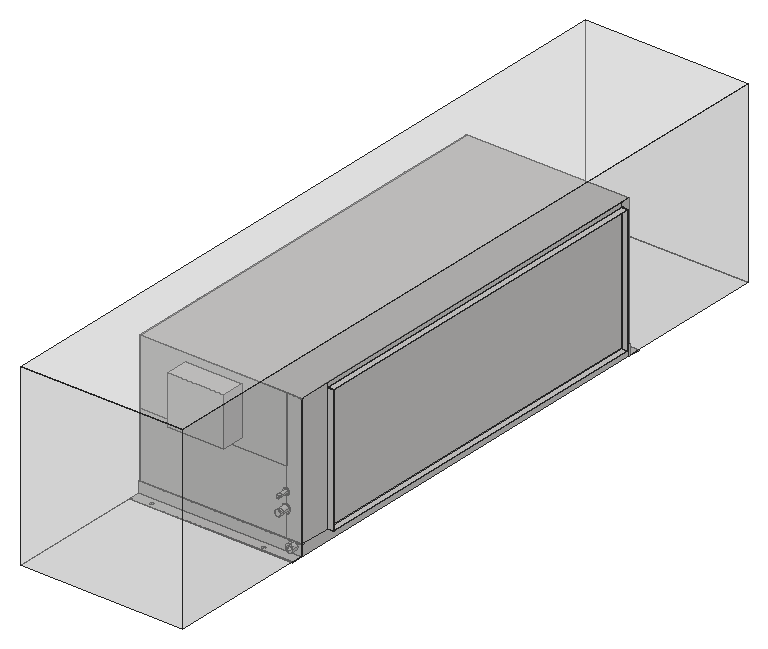
Revit family "outputfile", category 機械設備, Revit 2024
Family settings
  丸型コネクタ寸法 = 半径を使用
  パーツ タイプ = 標準
  OmniClass 番号 = 23.75.10.24.21.27.27
  OmniClass タイトル = Split System Air Conditioning Units
  作業面ベース = いいえ
  常に垂直 = はい
  ロード時にボイドで切り取り = いいえ
  注釈の向きを維持 = いいえ
  共有 = いいえ
  部屋計算ポイント = はい
Parameters (values of type "FDR450QY1")
  Description = ""
  書き出し IFC クラス(タイプ) = "IfcUnitaryEquipmentType"
  定義済み IFC タイプ(タイプ) = "AIRCONDITIONINGUNIT"
  Cost = 0
  Type Comments = ""
  Keynote = ""
  Type Image = (empty or 0)
  Assembly Code = ""
  angle_Drain Pipe [instance] = if(Rear Connection_drainpipe, -90.00°, 90.00°)  # 90.00°
  製造元 = "Daikin"
  モデル = "FDR450QY1"
  w2 = if(Depth = 2195.0 mm, 0.0 mm, if(Depth = 1980.0 mm, 0.0 mm, 352.0 mm))  # 0.0 mm
  w1 = if(Depth = 2195.0 mm, 0.0 mm, if(Depth = 1980.0 mm, 1.0 mm, 20.0 mm))  # 0.0 mm
  switch_frequency = yes
  r_Liquid Pipe Size = Liquid Pipe Size / 2  # 7.95 mm
  r_Gas Pipe Size = Gas Pipe Size / 2  # 14.3 mm
  r_Drain Pipe Size = Drain Pipe Size / 2  # 12.7 mm
  r_D = if(Depth = 2195.0 mm, 41.5 mm, if(Depth = 1980.0 mm, 41.5 mm, 34.5 mm))  # 41.5 mm
  lw_power = if(Depth = 2195.0 mm, Width / 2 - 249.0 mm, if(Depth = 1980.0 mm, Width / 2 - 128.0 mm, Width / 2 - 138.0 mm))  # 186.0 mm
  lw_mountinghole = if(Depth = 2195.0 mm, 100.0 mm, if(Depth = 1980.0 mm, 100.0 mm, if(Depth = 1330.0 mm, 59.0 mm, 59.0 mm)))  # 100.0 mm
  lh_SA = if(Depth = 2195.0 mm, 263.0 mm + SA Duct Size Height / 2, if(Depth = 1980.0 mm, 257.0 mm + SA Duct Size Height / 2, 156.0 mm + SA Duct Size Height / 2))  # 436.5 mm
  ld_SA = if(Depth = 2195.0 mm, 570.0 mm + SA Duct Size Width / 2, if(Depth = 1980.0 mm, 479.0 mm + SA Duct Size Width / 2, 128.0 mm + SA Duct Size Width / 2))  # 1092.5 mm
  ld_RA = if(Depth = 2195.0 mm, 171.0 mm + RA Duct Size Width / 2, if(Depth = 1980.0 mm, 169.0 mm + RA Duct Size Width / 2, 128.0 mm + RA Duct Size Width / 2))  # 1158.0 mm
  lh_power = if(Depth = 2195.0 mm, 490.0 mm, if(Depth = 1980.0 mm, 300.0 mm, 200.0 mm))  # 490.0 mm
  lh_RA = if(Depth = 2195.0 mm, 60.0 mm + RA Duct Size Height / 2, if(Depth = 1980.0 mm, 61.0 mm + RA Duct Size Height / 2, 156.0 mm + RA Duct Size Height / 2))  # 399.5 mm
  ld_power = if(Depth = 2195.0 mm, 75.8 mm, if(Depth = 1980.0 mm, 70.0 mm, 76.6 mm))  # 75.8 mm
  l_SA = if(Depth = 2195.0 mm, 36.0 mm, if(Depth = 1980.0 mm, 35.0 mm, 39.0 mm))  # 36.0 mm
  l_RA = if(Depth = 2195.0 mm, 36.0 mm, if(Depth = 1980.0 mm, 35.0 mm, 39.0 mm))  # 36.0 mm
  d = if(Depth = 1330.0 mm, 20.0 mm, 0.0 mm)  # 0.0 mm
  connector_voltage = Voltage_50Hz  # 400 V
  connector_powerinput = [Power Input (Cooling)]  # 21.220 kW
  connector_phase = Phase_50Hz  # 3
  Voltage_comment_50Hz = "380 - 415"
  Voltage_50Hz = 400 V
  URL = ""
  Supply Air Direction [instance] = yes
  Sound Power Level_H speed (dB) = 0
  Rear Connection_drainpipe [instance] = not(Front Connection_drainpipe)  # no
  Phase_50Hz = 3
  Minimum External Static Pressure = 0.00 Pa
  Minimum Circuit Amps_50Hz = 6.1 A
  Maximum Fuse Amps_50Hz = 16.0 A
  Maximum External Static Pressure = 150.00 Pa
  Material_Casing = DAIKIN_GalvanizedSteel_Casing_indoorunit
  lw_mountinghole_pitch = if(Depth = 2195.0 mm, 600.0 mm, if(Depth = 1980.0 mm, 600.0 mm, if(Depth = 1330.0 mm, 732.0 mm, 732.0 mm)))  # 600.0 mm
  lh_gaspipe = if(Depth = 2195.0 mm, 205.0 mm, if(Depth = 1980.0 mm, 205.0 mm, 187.0 mm))  # 205.0 mm
  lh_mountinghole = if(Depth = 2195.0 mm, 0.0 mm, if(Depth = 1980.0 mm, 0.0 mm, if(Depth = 1330.0 mm, 495.0 mm, 495.0 mm)))  # 0.0 mm
  lh_liquidpipe = if(Depth = 2195.0 mm, 285.0 mm, if(Depth = 1980.0 mm, 285.0 mm, 187.0 mm))  # 285.0 mm
  lh_drainpipe = if(Depth = 2195.0 mm, 38.0 mm, if(Depth = 1980.0 mm, 38.0 mm, 32.0 mm))  # 38.0 mm
  l_antena = Height - lh_mountinghole + 1.0 mm  # 761.0 mm
  ld_drainpipe = if(Depth = 2195.0 mm, Depth / 2 + 29.0 mm, if(Depth = 1980.0 mm, Depth / 2 + 29.0 mm, Depth / 2 + 9.0 mm))  # 1126.5 mm
  ld_liquidpipe = if(Depth = 2195.0 mm, Depth / 2 + 55.0 mm, if(Depth = 1980.0 mm, Depth / 2 + 55.0 mm, Depth / 2 + 60.0 mm))  # 1152.5 mm
  ld_gaspipe = if(Depth = 2195.0 mm, Depth / 2 + 55.0 mm, if(Depth = 1980.0 mm, Depth / 2 + 55.0 mm, Depth / 2 + 58.0 mm))  # 1152.5 mm
  ld_mountinghole_pitch = if(Depth = 2195.0 mm, 2280.0 mm, if(Depth = 1980.0 mm, 2070.0 mm, 1386.0 mm))  # 2280.0 mm
  h*** = 0.0 mm  # constant formula
  lw_liquidpipe = if(Depth = 2195.0 mm, 83.0 mm, if(Depth = 1980.0 mm, 87.0 mm, 126.0 mm))  # 83.0 mm
  lw_gaspipe = if(Depth = 2195.0 mm, 83.0 mm, if(Depth = 1980.0 mm, 87.0 mm, 47.0 mm))  # 83.0 mm
  lw_drainpipe = if(Depth = 2195.0 mm, 43.0 mm, if(Depth = 1980.0 mm, 45.0 mm, 46.0 mm))  # 43.0 mm
  Width = 870.0 mm
  Version = "ver.1.0"
  Unit Type = "Duct"
  Unit Mass Weight = 204.00 kg
  Unit Designation [instance] = ""
  Uniclass2015Version = "Products v1.30"
  Uniclass2015Title = "Split coil room air conditioning units"
  Uniclass2015Code = "Pr_70_65_03_86"
  Total Cooling Capacity [instance] = 0.000 kW
  Sound Pressure Level_M speed (dBA) = 0
  Sound Pressure Level_L speed (dBA) = 0
  Sound Pressure Level_H speed (dBA) = 60
  Series = "Package Aircon_Fan Coil Unit"
  Sensible Cooling Capacity [instance] = 0.000 kW
  SA Duct Size Width = 1045.0 mm
  SA Duct Size Height = 347.0 mm
  Refrigerant Type = "R410A"
  RA Duct Size Width = 1974.0 mm
  RA Duct Size Height = 679.0 mm
  Power Input (Cooling) = 21.220 kW
  Option Accessory 3 [instance] = ""
  Option Accessory 2 [instance] = ""
  Option Accessory 1 [instance] = ""
  Nominal Cooling Capacity = 52.000 kW
  Minimum Airflow = 0.00 m³/h
  Median Airflow = 0.00 m³/h
  Maximum Airflow = 9960.00 m³/h
  Load Classification = HVAC
  Liquid Pipe Size = 15.9 mm
  Link_Nested Family [instance] = ""
  Front Connection_drainpipe [instance] = yes
  IfcVersion = ""
  IfcExportType = "AIRCONDITIONINGUNIT"
  IfcExportAs = "IfcUnitaryEquipmentType"
  Height = 760.0 mm
  Heat Exchanger Type = "Cross Fin Coil"
  Gas Pipe Size = 28.6 mm
  Frequency_50Hz = 50 Hz
  Fan Type = "Sirocco Fan"
  Fan Drive = "-"
  FCU Tag No. [instance] = ""
  Drain Pipe Size = 25.4 mm
  Design Supply Airflow [instance] = 0.00 m³/h
  Design Return Airflow [instance] = 0.00 m³/h
  Design External Static Pressure [instance] = 0.00 Pa
  Depth = 2195.0 mm
  既定の高さ = 0.0 mm
  Cooling Entering Wet Bulb Temperature [instance] = 0.00 °C
  Cooling Entering Dry Bulb Temperature [instance] = 0.00 °C
  Cooling Ambient Wet Bulb Temperature [instance] = 0.00 °C
  Cooling Ambient Dry Bulb Temperature [instance] = 0.00 °C
  Clearance visibility [instance] = yes
  Clearance Top = 200.0 mm
  Clearance Right = 0.0 mm
  Clearance Rear = 800.0 mm
  Clearance Left = 0.0 mm
  Clearance Front = 800.0 mm
  Clearance Bottom = 0.0 mm
  A = if(Depth = 2195.0 mm, 60.0 mm, if(Depth = 1980.0 mm, 61.0 mm, 63.0 mm))  # 60.0 mm
  300-500 = not([200/250])  # yes
  200/250 = Depth = 1330.0 mm  # no
Reference planes
  plane 1 "Center (Front/Back)": y = 0
  plane 2 "h": z = 0
  plane 3 "Center (Left/Right)": x = 0
  plane 4 "Back": y = 1097.5
  plane 5 "Front": y = -1097.5
  plane 6 "Left": x = -435
  plane 7 "Right": x = 435
  plane 8 "Top": z = 0
  plane 9 "Bottom": z = -760
  plane 10: y = 1897.5
  plane 11: y = -1897.5
  plane 12: x = -435
  plane 13: x = 435
  plane 14: z = 200
  plane 15: z = -760
  plane 16 "ld_RA": y = 60.5
  plane 17 "lh_RA": z = -360.5
  plane 18 "ld_gaspipe": y = -1152.5
  plane 19 "ld_drainpipe": y = -1126.5
  plane 20 "lw_drainpipe": x = 392
  plane 21 "lw_liquidpipe": x = 352
  plane 22 "lw_gaspipe": x = 352
  plane 23 "lw_mountinghole": x = -335
  plane 24 "lw_mountinghole1": x = 265
  plane 25 "ld_mountinghole": y = -1140
  plane 26 "ld_mountinghole1": y = 1140
  plane 27 "lh_mountinghole": z = -760
  plane 28 "lh_SA": z = -323.5
  plane 29 "ld_liquidpipe": y = -1152.5
  plane 30 "ld_power": y = -1173.3
  plane 31 "ld_drainpipe1": y = 1126.5
  plane 32 "ld_SA": y = -5
  plane 33 "A": z = -700
  plane 34: y = 1097.5
  plane 35: y = -1097.5
  plane 36: x = -435
  plane 37: x = 435
  plane 38: z = -722
  plane 39: z = -722
Forms (mm)
  Extrusion 1, solid, material "DAIKIN_GalvanizedSteel_Casing_indoorunit" <- "Material_Casing"
    sketch origin (0, 0, -760) x (-1, 0, 0) y (0, -1, 0)
      loop
        line (434, -1097.5) -> (434, 1097.5) -> (-435, 1097.5) -> (-435, -1097.5) -> (434, -1097.5)
    from 760 to 60
  Extrusion 2, solid, material "DAIKIN_GalvanizedSteel_Casing_indoorunit" <- "Material_Casing"
    sketch origin (0, 0, -760) x (-1, 0, 0) y (0, -1, 0)
      loop
        line (435, -1097.5) -> (435, 1097.5) -> (-435, 1097.5) -> (-435, -1097.5) -> (435, -1097.5)
    from 0 to 60
  Extrusion 3, solid, material "DAIKIN_GalvanizedSteel_Casing_indoorunit" <- "Material_Casing", visible <- "200/250"
    sketch origin (0, 0, 0) x (1, 0, 0) y (0, 0, 1)
      loop
        line (94.8, -700) -> (94.8, -760) -> (429.6, -760) -> (429.6, -700) -> (94.8, -700)
    from -1097.5 to 1097.5
  Extrusion 4, solid, material "DAIKIN_GalvanizedSteel_Casing_indoorunit" <- "Material_Casing", visible <- "Front Connection_drainpipe"
    sketch origin (435, -1097.5, -760) x (-1, 0, 0) y (0, 0, -1)
      loop
        circle (43, -38) r 20.75
      loop
        circle (43, -38) r 12.7
    from 0 to 29
  Extrusion 5, solid, material "DAIKIN_GalvanizedSteel_Casing_indoorunit" <- "Material_Casing", visible <- "Rear Connection_drainpipe"
    sketch origin (-435, 1097.5, -760) x (1, 0, 0) y (0, 0, -1)
      loop
        circle (827, -38) r 20.75
      loop
        circle (827, -38) r 12.7
    from 0 to 29
Dimensions and locks
  "Height": plane 8 "Top" to plane 9 "Bottom"
  equal spacing: plane 4 "Back", plane 1 "Center (Front/Back)", plane 5 "Front"
  "Depth": plane 4 "Back" to plane 5 "Front"
  equal spacing: plane 6 "Left", plane 3 "Center (Left/Right)", plane 7 "Right"
  "Width": plane 6 "Left" to plane 7 "Right"
  "Clearance Left": plane 12 to plane 6 "Left"
  "Clearance Right": plane 7 "Right" to plane 13
  "Clearance Rear": plane 10 to plane 4 "Back"
  "Clearance Front": plane 5 "Front" to plane 11
  "Clearance Top": plane 14 to plane 8 "Top"
  "Clearance Bottom": plane 9 "Bottom" to plane 15
  "ld_RA": plane 16 "ld_RA" to plane 5 "Front"
  "lh_RA": plane 17 "lh_RA" to plane 9 "Bottom"
  "lw_drainpipe": plane 20 "lw_drainpipe" to plane 7 "Right"
  "lw_liquidpipe": plane 21 "lw_liquidpipe" to plane 7 "Right"
  "lw_gaspipe": plane 22 "lw_gaspipe" to plane 7 "Right"
  "lw_mountinghole_pitch": plane 23 "lw_mountinghole" to plane 24 "lw_mountinghole1"
  equal spacing: plane 25 "ld_mountinghole", plane 1 "Center (Front/Back)", plane 26 "ld_mountinghole1"
  "ld_mountinghole_pitch": plane 26 "ld_mountinghole1" to plane 25 "ld_mountinghole"
  "lh_mountinghole": plane 27 "lh_mountinghole" to plane 9 "Bottom"
  "lh_SA": plane 28 "lh_SA" to plane 9 "Bottom"
  "h***": plane 8 "Top" to plane 2 "h"
  "lw_mountinghole": plane 6 "Left" to plane 23 "lw_mountinghole"
  "ld_drainpipe": plane 31 "ld_drainpipe1" to plane 1 "Center (Front/Back)"
  "ld_drainpipe": plane 1 "Center (Front/Back)" to plane 19 "ld_drainpipe"
  "ld_power": plane 5 "Front" to plane 30 "ld_power"
  "ld_liquidpipe": plane 29 "ld_liquidpipe" to plane 1 "Center (Front/Back)"
  "ld_gaspipe": plane 18 "ld_gaspipe" to plane 1 "Center (Front/Back)"
  "ld_SA": plane 32 "ld_SA" to plane 5 "Front"
  "A": plane 33 "A" to plane 9 "Bottom"
  "w1": plane 6 "Left" to plane 36
  "d": plane 4 "Back" to plane 34
  "d": plane 35 to plane 5 "Front"
  "w2": plane 37 to plane 7 "Right"
  locked: plane 6 "Left" to Extrusion 1 sketch curve at 1
  locked: Extrusion 3 sketch curve to Extrusion 3 sketch curve at 334.8
  locked: Extrusion 3 sketch curve to plane 7 "Right" at 5.4
  "lh_drainpipe": plane 38 to plane 9 "Bottom"
  "lh_drainpipe": plane 39 to plane 9 "Bottom"
  "r_D": diameter of Extrusion 4 sketch curve
  "Drain Pipe Size": diameter of Extrusion 4 sketch curve
  "Drain Pipe Size": diameter of Extrusion 5 sketch curve
  "r_D": diameter of Extrusion 5 sketch curve
  aligned and locked: level to plane 2 "h"
  aligned and locked: nested 4 to plane 11
  aligned and locked: nested 4 to plane 12  (x2)
  aligned and locked: nested 4 to plane 13
  aligned and locked: plane 10 to nested 4
  aligned and locked: plane 14 to nested 4
  aligned and locked: plane 15 to nested 4
  aligned and locked: nested 2 to plane 21 "lw_liquidpipe"
  aligned and locked: nested 1 to plane 22 "lw_gaspipe"
  aligned and locked: nested 1 to plane 18 "ld_gaspipe"
  aligned and locked: plane 23 "lw_mountinghole" to nested 6
  aligned and locked: nested 6 to plane 26 "ld_mountinghole1"
  aligned and locked: plane 24 "lw_mountinghole1" to nested 5
  aligned and locked: nested 5 to plane 26 "ld_mountinghole1"
  aligned and locked: plane 24 "lw_mountinghole1" to nested 8
  aligned and locked: plane 25 "ld_mountinghole" to nested 8
  aligned and locked: plane 25 "ld_mountinghole" to nested 7
  aligned and locked: plane 23 "lw_mountinghole" to nested 7
  aligned and locked: nested 2 to plane 29 "ld_liquidpipe"
  aligned and locked: plane 28 "lh_SA" to nested 9
  aligned and locked: nested 3 to plane 3 "Center (Left/Right)"
  aligned and locked: plane 1 "Center (Front/Back)" to nested 3
  aligned and locked: nested 11 to plane 3 "Center (Left/Right)"
  aligned and locked: nested 11 to plane 30 "ld_power"
  aligned and locked: nested 9 to plane 6 "Left"
  aligned and locked: nested 9 to plane 32 "ld_SA"
  aligned and locked: plane 7 "Right" to nested 10
  aligned and locked: plane 16 "ld_RA" to nested 10
  aligned and locked: plane 7 "Right" to nested 12
  aligned and locked: nested 12 to plane 1 "Center (Front/Back)"
  aligned and locked: plane 1 "Center (Front/Back)" to nested 13
  aligned and locked: nested 13 to plane 6 "Left"
  aligned and locked: plane 9 "Bottom" to nested 13
  aligned and locked: Extrusion 1 sketch curve to plane 4 "Back"
  aligned and locked: plane 5 "Front" to Extrusion 1 sketch curve
  aligned and locked: Extrusion 1 sketch curve to plane 7 "Right"
  aligned and locked: Extrusion 1 to plane 8 "Top"
  aligned and locked: Extrusion 1 to plane 33 "A"
  aligned and locked: Extrusion 2 sketch curve to plane 34
  aligned and locked: Extrusion 2 sketch curve to plane 36
  aligned and locked: plane 35 to Extrusion 2 sketch curve
  aligned and locked: Extrusion 2 sketch curve to plane 37
  aligned and locked: plane 33 "A" to Extrusion 2
  aligned and locked: Extrusion 2 to plane 9 "Bottom"
  aligned and locked: plane 25 "ld_mountinghole" to nested 14
  aligned and locked: nested 15 to plane 26 "ld_mountinghole1"
  aligned and locked: plane 23 "lw_mountinghole" to nested 14
  aligned and locked: nested 15 to plane 23 "lw_mountinghole"
  aligned and locked: plane 9 "Bottom" to nested 15
  aligned and locked: nested 14 to plane 9 "Bottom"
  aligned and locked: plane 23 "lw_mountinghole" to nested 16
  aligned and locked: plane 24 "lw_mountinghole1" to nested 17
  aligned and locked: nested 16 to plane 25 "ld_mountinghole"
  aligned and locked: nested 17 to plane 25 "ld_mountinghole"
  aligned and locked: nested 18 to plane 26 "ld_mountinghole1"
  aligned and locked: nested 19 to plane 26 "ld_mountinghole1"
  aligned and locked: nested 19 to plane 24 "lw_mountinghole1"
  aligned and locked: nested 18 to plane 23 "lw_mountinghole"
  aligned and locked: plane 27 "lh_mountinghole" to nested 18
  aligned and locked: plane 27 "lh_mountinghole" to nested 16
  aligned and locked: plane 27 "lh_mountinghole" to nested 19
  aligned and locked: plane 27 "lh_mountinghole" to nested 17
  aligned and locked: plane 8 "Top" to nested 12
  aligned and locked: Extrusion 3 sketch curve to plane 33 "A"
  aligned and locked: plane 9 "Bottom" to Extrusion 3 sketch curve
  aligned and locked: Extrusion 2 to Extrusion 3  (x2)
  aligned and locked: nested 20 to plane 5 "Front"
  aligned and locked: plane 3 "Center (Left/Right)" to nested 20
  aligned and locked: plane 9 "Bottom" to nested 20
  aligned and locked: Extrusion 4 sketch curve to plane 20 "lw_drainpipe"  (x2)
  aligned and locked: plane 38 to Extrusion 4 sketch curve  (x2)
  aligned and locked: Extrusion 4 to plane 19 "ld_drainpipe"
  aligned and locked: Extrusion 5 sketch curve to plane 20 "lw_drainpipe"  (x2)
  aligned and locked: plane 39 to Extrusion 5 sketch curve  (x2)
  aligned and locked: plane 31 "ld_drainpipe1" to Extrusion 5
  aligned and locked: plane 1 "Center (Front/Back)" to nested 21
  aligned and locked: nested 21 to plane 20 "lw_drainpipe"
Nested families
  nested 1: "daikin_connector_rotate2" at (352, 0, -555), length <- "ld_gaspipe", built-in parameter 1001364 <- "lh_gaspipe", radius <- "r_Gas Pipe Size", type "daikin_connector_rotate2"
    with radius 14.3 mm, length 1152.5 mm, angle_vertical 90.00°
  nested 2: "daikin_connector_rotate2" at (352, 0, -475), length <- "ld_liquidpipe", built-in parameter 1001364 <- "lh_liquidpipe", radius <- "r_Liquid Pipe Size", type "daikin_connector_rotate2"
    with radius 7.95 mm, length 1152.5 mm, angle_vertical 90.00°
  nested 3: "daikin_△_symbolicline" at (0, 0, 760) x (0, -1, 0) z (0, 0, 1), built-in parameter 1001364 <- "Height", visible <- "Supply Air Direction", type "daikin_△_symbolicline"
    with length 250.0 mm
  nested 4: "daikin_clearancespace" at (0, 0, -279.881), visible <- "Clearance visibility", show <- "Clearance visibility", Link_Nested Family <- "Link_Nested Family", type "daikin_clearancespace"
    with width 870.0 mm, show yes, height 960.0 mm, depth 3795.0 mm, Link_Nested Family ""
  nested 5: "daikin_mountinghole" at (265, 1140, -760), l_antenna <- "l_antena", Link_Nested Family <- "Link_Nested Family", h_mountinghole <- "lh_mountinghole", type "daikin_mountinghole"
    with show yes, l_antenna 761.0 mm, h_mountinghole 0.0 mm, Link_Nested Family ""
  nested 6: "daikin_mountinghole" at (-335, 1140, -760), l_antenna <- "l_antena", Link_Nested Family <- "Link_Nested Family", h_mountinghole <- "lh_mountinghole", type "daikin_mountinghole"
    with show yes, l_antenna 761.0 mm, h_mountinghole 0.0 mm, Link_Nested Family ""
  nested 7: "daikin_mountinghole" at (-335, -1140, -760), h_mountinghole <- "lh_mountinghole", l_antenna <- "l_antena", Link_Nested Family <- "Link_Nested Family", type "daikin_mountinghole"
    with show yes, l_antenna 761.0 mm, h_mountinghole 0.0 mm, Link_Nested Family ""
  nested 8: "daikin_mountinghole" at (265, -1140, -760), h_mountinghole <- "lh_mountinghole", l_antenna <- "l_antena", Link_Nested Family <- "Link_Nested Family", type "daikin_mountinghole"
    with show yes, l_antenna 761.0 mm, h_mountinghole 0.0 mm, Link_Nested Family ""
  nested 9: "daikin_connector_rotate2" at (-435, -5, -323.5) x (0, -1, 0) z (0, 0, 1), built-in parameter 1001364 <- "lh_SA", length <- "l_SA", type "daikin_connector_rotate2"
    with radius 10.0 mm, length 36.0 mm, angle_vertical 90.00°
  nested 10: "daikin_connector_rotate2" at (435, 60.5, -360.5) x (0, 1, 0) z (0, 0, 1), built-in parameter 1001364 <- "lh_RA", length <- "l_RA", type "daikin_connector_rotate2"
    with radius 10.0 mm, length 36.0 mm, angle_vertical 90.00°
  nested 11: "daikin_connector_rotate2" at (0, -1173.3, -270) x (0, -1, 0) z (0, 0, 1), length <- "lw_power", built-in parameter 1001364 <- "lh_power", type "daikin_connector_rotate2"
    with radius 10.0 mm, length 186.0 mm, angle_vertical 90.00°
  nested 12: "daikin_RA ductflange_FDR-QY1" at (435, 0, -760) x (0, 1, 0) z (0, 0, 1), type "daikin_RA ductflange_FDR-QY1"
  nested 13: "daikin_SA ductflange_FDR-QY1" at (-435, 0, -760) x (0, -1, 0) z (0, 0, 1), type "daikin_SA ductflange_FDR-QY1"
  nested 14: "daikin_anchor boltsfixture_FDR-QY1" at (-335, -1140, -760), visible <- "300-500", type "daikin_anchor boltsfixture_FDR-QY1"
  nested 15: "daikin_anchor boltsfixture_FDR-QY1" at (-335, 1140, -760), visible <- "300-500", type "daikin_anchor boltsfixture_FDR-QY1"
  nested 16: "daikin_hangerfixture_FDR-QY1" at (-335, -1140, -760) x (0, 1, 0) z (0, 0, 1), visible <- "200/250", type "daikin_hangerfixture_FDR-QY1"
  nested 17: "daikin_hangerfixture_FDR-QY1" at (265, -1140, -760) x (0, 1, 0) z (0, 0, 1), visible <- "200/250", type "daikin_hangerfixture_FDR-QY1"
  nested 18: "daikin_hangerfixture_FDR-QY1" at (-335, 1140, -760) x (0, -1, 0) z (0, 0, 1), visible <- "200/250", type "daikin_hangerfixture_FDR-QY1"
  nested 19: "daikin_hangerfixture_FDR-QY1" at (265, 1140, -760) x (0, -1, 0) z (0, 0, 1), visible <- "200/250", type "daikin_hangerfixture_FDR-QY1"
  nested 20: "daikin_rightpanel_FDR-QY1" at (0, -1097.5, -760), material <- "Material_Casing", type "daikin_rightpanel_FDR-QY1"
    with material DAIKIN_GalvanizedSteel_Casing_indoorunit, 外径_gaspipe 31.1 mm, 内径_gaspipe 28.6 mm, width 870.0 mm, switch_unit_450/500 yes, switch_unit_200/250 no, lw_liquidpipe 83.0 mm, lw_gaspipe 83.0 mm, lw_control box 249.0 mm, lh_liquidpipe 285.0 mm, lh_gaspipe 205.0 mm, lh_control box 458.0 mm, ld_liquidpipe 55.0 mm, 外径_liquidpipe 17.8 mm, 内径_liquidpipe 15.9 mm, ld_gaspipe 55.0 mm, height 760.0 mm, depth 2195.0 mm
  nested 21: "daikin_connector_rotate2" at (392, 0, -722), built-in parameter 1001364 <- "lh_drainpipe", length <- "ld_drainpipe", radius <- "r_Drain Pipe Size", angle_vertical <- "angle_Drain Pipe", type "daikin_connector_rotate2"
    with radius 12.7 mm, length 1126.5 mm, angle_vertical 90.00°
Connectors
  piping at (352, -1152.5, -555), diameter 28.6, driven by "r_Gas Pipe Size"
    settings: on nested 1, index 4, connector inside diameter 609.6 mm, connector length 0.0 mm, flow factor 0, pipe flow 0.00 m³/h, pressure drop 0.0 Pa, fitting loss kfactor 0, connector angle 0.00°, fixture units 0, engagement length 0.0 mm, angle of deflection 0.00°, flow configuration 1, flow direction 2, fitting loss method 0, system type 29, joint type 0, gender type 0, connector reference index -1, connector utility 0, adjustable connector no, is connector primary yes, connector description "Refrigerant Gas Piping"
  piping at (352, -1152.5, -475), diameter 15.9, driven by "r_Liquid Pipe Size"
    settings: on nested 2, index 5, connector inside diameter 609.6 mm, connector length 0.0 mm, flow factor 0, pipe flow 0.00 m³/h, pressure drop 0.0 Pa, fitting loss kfactor 0, connector angle 0.00°, fixture units 0, engagement length 0.0 mm, angle of deflection 0.00°, flow configuration 1, flow direction 1, fitting loss method 0, system type 29, joint type 0, gender type 0, connector reference index -1, connector utility 0, adjustable connector no, is connector primary no, connector description "Refrigerant Liquid Piping"
  hvac at (-471, -5, -323.5), driven by "SA Duct Size Height", driven by "SA Duct Size Width"
    settings: on nested 9, index 7, duct flow 0.00 m³/h, flow factor 0, pres drop 0.00 Pa, loss coef 0, conn angle 0.00°, conn width 1045.0 mm, conn height 347.0 mm, conn diameter 609.6 mm, duct sys type 1, conn prof type 1, flow config 0, flow direction 2, loss method 4, conn ref index -1, conn util no, is conn primary yes, conn desc "SA Duct"
  hvac at (471, 60.5, -360.5), driven by "RA Duct Size Height", driven by "RA Duct Size Width"
    settings: on nested 10, index 8, duct flow 0.00 m³/h, flow factor 0, pres drop 0.00 Pa, loss coef 0, conn angle 0.00°, conn width 1974.0 mm, conn height 679.0 mm, conn diameter 609.6 mm, duct sys type 2, conn prof type 1, flow config 0, flow direction 1, loss method 4, conn ref index -1, conn util no, is conn primary no, conn desc "RA Duct"
  electrical at (-186, -1173.3, -270), driven by "connector_phase", driven by "Load Classification", driven by "connector_voltage", driven by "connector_powerinput"
    settings: on nested 11, index 9, voltage 400 V, apparent load 21220 VA, apparent load phase1 0 VA, apparent load phase2 0 VA, apparent load phase3 0 VA, power factor 1, load classification "HVAC", number of poles 3, system type 30, power factor state 1, is connector primary yes, connector utility no, sub classification motor no, connector description "Power Supply"
  piping at (392, -1126.5, -722), diameter 25.4, driven by "r_Drain Pipe Size"
    settings: on nested 21, index 10, connector inside diameter 609.6 mm, connector length 0.0 mm, flow factor 0, pipe flow 0.00 m³/h, pressure drop 0.0 Pa, fitting loss kfactor 0, connector angle 0.00°, fixture units 0, engagement length 0.0 mm, angle of deflection 0.00°, flow configuration 1, flow direction 2, fitting loss method 4, system type 16, joint type 0, gender type 0, connector reference index -1, connector utility 0, adjustable connector no, is connector primary no, connector description "Condensate Drain Piping"
Definition of nested family "daikin_clearancespace"
  Parameters (values of type "daikin_clearancespace")
    Description = "daikin_clearancespace"
    width [instance] = 1823.963 mm
    show [instance] = yes
    material = none
    height [instance] = 1359.762 mm
    depth [instance] = 880.0 mm
    Default Elevation = 0.0 mm
    Link_Nested Family [instance] = ""
  Reference planes
    plane 1 "Center (Front/Back)": y = 0
    plane 2 "Center (Elevation)": z = -0.119
    plane 3 "Center (Left/Right)": x = 0
    plane 4: y = 440
    plane 5: y = -440
    plane 6 "Right": x = 911.982
    plane 7 "Left": x = -911.982
    plane 8 "Top": z = 679.762
    plane 9 "Bottom": z = -680
  Forms (mm)
    Extrusion 1, solid, material <- "material", visible <- "show"
      sketch origin (0, 0, 0) x (1, 0, 0) y (0, 1, 0)
        loop
          line (-911.982, 440) -> (-911.982, -440) -> (911.982, -440) -> (911.982, 440) -> (-911.982, 440)
      from -680 to 679.762
  Lines and regions (mm)
    symbolic lines, visible <- "show"
      curve 1: line (911.982, 440, 0) -> (-911.982, 440, 0)
      curve 2: line (-911.982, 440, 0) -> (-911.982, -440, 0)
      curve 3: line (-911.982, -440, 0) -> (911.982, -440, 0)
      curve 4: line (911.982, -440, 0) -> (911.982, 440, 0)
      curve 5: line (911.982, 0, 679.762) -> (-911.982, 0, 679.762)
      curve 6: line (911.982, 0, -680) -> (911.982, 0, 679.762)
      curve 7: line (-911.982, 0, -680) -> (911.982, 0, -680)
      curve 8: line (-911.982, 0, 679.762) -> (-911.982, 0, -680)
      curve 9: line (0, 440, 679.762) -> (0, -440, 679.762)
      curve 10: line (0, -440, 679.762) -> (0, -440, -680)
      curve 11: line (0, 440, -680) -> (0, 440, 679.762)
      curve 12: line (0, -440, -680) -> (0, 440, -680)
  Dimensions and locks
    "width": plane 7 "Left" to plane 6 "Right"
    "depth": plane 4 to plane 5
    "height": plane 8 "Top" to plane 9 "Bottom"
    equal spacing: plane 7 "Left", plane 3 "Center (Left/Right)", plane 6 "Right"
    equal spacing: plane 4, plane 1 "Center (Front/Back)", plane 5
    equal spacing: plane 8 "Top", plane 2 "Center (Elevation)", plane 9 "Bottom"
    aligned and locked: level to plane 2 "Center (Elevation)"
    aligned and locked: Extrusion 1 sketch curve to plane 4
    aligned and locked: plane 7 "Left" to Extrusion 1 sketch curve
    aligned and locked: Extrusion 1 sketch curve to plane 5
    aligned and locked: Extrusion 1 sketch curve to plane 6 "Right"
    aligned and locked: plane 8 "Top" to Extrusion 1
    aligned and locked: curve 1 to Extrusion 1
    aligned and locked: curve 2 to Extrusion 1
    aligned and locked: curve 3 to Extrusion 1
    aligned and locked: curve 4 to Extrusion 1
    aligned and locked: curve 5 to Extrusion 1
    aligned and locked: curve 6 to Extrusion 1
    aligned and locked: curve 7 to Extrusion 1
    aligned and locked: curve 8 to Extrusion 1
    aligned and locked: curve 9 to Extrusion 1
    aligned and locked: curve 10 to Extrusion 1
    aligned and locked: curve 11 to Extrusion 1
    aligned and locked: curve 12 to Extrusion 1
    aligned and locked: Extrusion 1 to plane 9 "Bottom"
Definition of nested family "daikin_RA ductflange_FDR-QY1"
  Parameters (values of type "daikin_RA ductflange_FDR-QY14")
    lh_RA = if(Depth = 2195.0 mm, 60.0 mm, if(Depth = 1980.0 mm, 61.0 mm, 156.0 mm))  # 60.0 mm
    ld_RA = if(Depth = 2195.0 mm, 171.0 mm, if(Depth = 1980.0 mm, 169.0 mm, 128.0 mm))  # 171.0 mm
    l_RA = if(Depth = 2195.0 mm, 36.0 mm, if(Depth = 1980.0 mm, 35.0 mm, 39.0 mm))  # 36.0 mm
    a = if(Depth = 2195.0 mm, 60.0 mm, if(Depth = 1980.0 mm, 61.0 mm, 63.0 mm))  # 60.0 mm
    RA Duct Size Width = if(Depth = 2195.0 mm, 1974.0 mm, if(Depth = 1980.0 mm, 1764.0 mm, 1074.0 mm))  # 1974.0 mm
    RA Duct Size Height = if(Depth = 2195.0 mm, 679.0 mm, if(Depth = 1980.0 mm, 544.0 mm, 294.0 mm))  # 679.0 mm
    Depth = 2195.0 mm
    material = none
    Height = 760.0 mm
    t = if(Depth = 1330.0 mm, 0.8 mm, 1.0 mm)  # 1.0 mm
    Default Elevation = 0.0 mm
    200/250 = Depth = 1330.0 mm  # no
  Reference planes
    plane 1 "Center (Front/Back)": y = 0
    plane 2: z = 0
    plane 3 "Center (Left/Right)": x = 0
    plane 4: x = -1097.5
    plane 5: x = 1097.5
    plane 6: z = 760
    plane 7: z = 739
    plane 8 "a": z = 60
    plane 9: x = -926.5
    plane 10: x = 1047.5
    plane 11: x = -925.5
    plane 12: x = 1046.5
    plane 13: z = 60
    plane 14: y = -36
    plane 15: y = 1
    plane 16: x = -925.5
    plane 17: x = 1046.5
  Forms (mm)
    Extrusion 1, solid, material <- "material"
      sketch origin (0, 0, 0) x (1, 0, 0) y (0, 0, 1)
        loop
          line (-1097.5, 760) -> (-1097.5, 60) -> (-925.5, 60) -> (-925.5, 760) -> (-1097.5, 760)
      from 0 to -1
    Extrusion 2, solid, material <- "material"
      sketch origin (0, 0, 0) x (1, 0, 0) y (0, 0, 1)
        loop
          line (1097.5, 760) -> (1046.5, 760) -> (1046.5, 60) -> (1097.5, 60) -> (1097.5, 760)
      from 0 to -1
    Extrusion 3, solid, material <- "material"
      sketch origin (0, 0, 0) x (1, 0, 0) y (0, 0, 1)
        loop
          line (-926.5, 739) -> (-926.5, 60) -> (-925.5, 60) -> (-925.5, 739) -> (-926.5, 739)
        loop
          line (1046.5, 739) -> (1046.5, 60) -> (1047.5, 60) -> (1047.5, 739) -> (1046.5, 739)
      from 0 to 36
    Extrusion 4, solid, material <- "material"
      sketch origin (0, 0, 0) x (0, 1, 0) y (0, 0, 1)
        loop
          line (-36, 739) -> (-36, 738) -> (1, 738) -> (1, 760) -> (0, 760) -> (0, 739) -> (-36, 739)
        loop
          line (-36, 61) -> (-36, 60) -> (1, 60) -> (1, 61) -> (-36, 61)
      from -925.5 to 1046.5
    Extrusion 5, solid, material <- "material", visible <- "200/250"
      sketch origin (0, 0, 0) x (0, 1, 0) y (0, 0, 1)
        loop
          line (0, 60) -> (0, -33) -> (1, -33) -> (1, 60) -> (0, 60)
      from -925.5 to 1046.5
  Dimensions and locks
    equal spacing: plane 5, plane 3 "Center (Left/Right)", plane 4
    "Depth": plane 5 to plane 4
    "Height": plane 6 to plane 2
    "ld_RA": plane 9 to plane 4
    "RA Duct Size Width": plane 10 to plane 9
    "a": plane 8 "a" to plane 2
    "t": plane 11 to plane 9
    "t": plane 10 to plane 12
    "lh_RA": plane 13 to plane 2
    "RA Duct Size Height": plane 7 to plane 13
    "t": Extrusion 3 sketch curve to Extrusion 3 sketch curve  (x2)
    "l_RA": plane 14 to plane 1 "Center (Front/Back)"
    "t": plane 15 to plane 1 "Center (Front/Back)"
    "t": Extrusion 4 sketch curve to Extrusion 4 sketch curve  (x2)
    "t": plane 17 to plane 10
    "t": plane 9 to plane 16
    locked: Extrusion 5 sketch curve to Extrusion 5 sketch curve at 93
    aligned and locked: level to plane 2
    aligned and locked: Extrusion 1 sketch curve to plane 6
    aligned and locked: plane 4 to Extrusion 1 sketch curve
    aligned and locked: plane 8 "a" to Extrusion 1 sketch curve
    aligned and locked: Extrusion 1 sketch curve to plane 11
    aligned and locked: Extrusion 1 to plane 1 "Center (Front/Back)"
    aligned and locked: plane 6 to Extrusion 2 sketch curve
    aligned and locked: plane 5 to Extrusion 2 sketch curve
    aligned and locked: Extrusion 2 sketch curve to plane 8 "a"
    aligned and locked: Extrusion 2 sketch curve to plane 12
    aligned and locked: Extrusion 2 to plane 1 "Center (Front/Back)"
    aligned and locked: Extrusion 3 sketch curve to plane 7  (x2)
    aligned and locked: plane 9 to Extrusion 3 sketch curve
    aligned and locked: Extrusion 3 sketch curve to plane 10
    aligned and locked: plane 13 to Extrusion 3 sketch curve  (x2)
    aligned and locked: Extrusion 3 to plane 1 "Center (Front/Back)"
    aligned and locked: Extrusion 3 to plane 14
    aligned and locked: plane 15 to Extrusion 1
    aligned and locked: plane 15 to Extrusion 2
    aligned and locked: Extrusion 4 sketch curve to plane 7
    aligned and locked: Extrusion 4 sketch curve to plane 1 "Center (Front/Back)"
    aligned and locked: Extrusion 4 sketch curve to plane 6
    aligned and locked: Extrusion 4 sketch curve to plane 15  (x2)
    aligned and locked: plane 14 to Extrusion 4 sketch curve  (x2)
    aligned and locked: plane 13 to Extrusion 4 sketch curve
    aligned and locked: Extrusion 4 to plane 16
    aligned and locked: plane 17 to Extrusion 4
    aligned and locked: Extrusion 5 sketch curve to plane 13
    aligned and locked: Extrusion 5 sketch curve to plane 1 "Center (Front/Back)"
    aligned and locked: Extrusion 5 sketch curve to plane 15
    aligned and locked: Extrusion 5 to plane 16
    aligned and locked: plane 17 to Extrusion 5
Definition of nested family "daikin_SA ductflange_FDR-QY1"
  Parameters (values of type "daikin_SA ductflange_FDR-QY14")
    lh_SA = if(Depth = 2195.0 mm, 263.0 mm, if(Depth = 1980.0 mm, 257.0 mm, 156.0 mm))  # 263.0 mm
    ld_SA = if(Depth = 2195.0 mm, 570.0 mm, if(Depth = 1980.0 mm, 479.0 mm, 128.0 mm))  # 570.0 mm
    l_SA = if(Depth = 2195.0 mm, 36.0 mm, if(Depth = 1980.0 mm, 35.0 mm, 39.0 mm))  # 36.0 mm
    a = if(Depth = 2195.0 mm, 60.0 mm, if(Depth = 1980.0 mm, 61.0 mm, 63.0 mm))  # 60.0 mm
    SA Duct Size Width = if(Depth = 2195.0 mm, 1045.0 mm, if(Depth = 1980.0 mm, 1045.0 mm, 1074.0 mm))  # 1045.0 mm
    SA Duct Size Height = if(Depth = 2195.0 mm, 347.0 mm, if(Depth = 1980.0 mm, 349.0 mm, 294.0 mm))  # 347.0 mm
    Depth = 2195.0 mm
    material = none
    Height = 760.0 mm
    t = if(Depth = 1330.0 mm, 0.8 mm, 1.0 mm)  # 1.0 mm
    Default Elevation = 0.0 mm
    450/500 = Depth = 2195.0 mm  # yes
    300/400 = Depth = 1980.0 mm  # no
    200/250以外 = not(Depth = 1330.0 mm)  # yes
    200/250 = or(Depth = 1330.0 mm, and(not(Depth = 1980.0 mm), not(Depth = 2195.0 mm)))  # no
  Reference planes
    plane 1 "Center (Front/Back)": y = 0
    plane 2: z = 0
    plane 3 "Center (Left/Right)": x = 0
    plane 4: x = -1097.5
    plane 5: x = 1097.5
    plane 6: z = 760
    plane 7: z = 610
    plane 8 "a": z = 60
    plane 9: x = -517.5
    plane 10: x = 527.5
    plane 11: z = 263
    plane 12: y = -36
    plane 13: y = 1
    plane 14: x = -516.5
    plane 15: x = 526.5
  Forms (mm)
    Extrusion 1, solid, material <- "material"
      sketch origin (0, 0, 0) x (1, 0, 0) y (0, 0, 1)
        loop
          line (-517.5, 610) -> (-517.5, 263) -> (-516.5, 263) -> (-516.5, 610) -> (-517.5, 610)
        loop
          line (526.5, 610) -> (526.5, 263) -> (527.5, 263) -> (527.5, 610) -> (526.5, 610)
      from 0 to 36
    Extrusion 2, solid, material <- "material"
      sketch origin (0, 0, 0) x (0, 1, 0) y (0, 0, 1)
        loop
          line (-36, 610) -> (-36, 609) -> (1, 609) -> (1, 610) -> (-36, 610)
        loop
          line (-36, 264) -> (-36, 263) -> (1, 263) -> (1, 264) -> (-36, 264)
      from -516.5 to 526.5
    Extrusion 3, solid, material <- "material", visible <- "200/250以外"
      sketch origin (0, 0, 0) x (1, 0, 0) y (0, 0, 1)
        loop
          line (-537.5, 610) -> (-537.5, 263) -> (-517.5, 263) -> (-517.5, 610) -> (-537.5, 610)
        loop
          line (527.5, 610) -> (527.5, 263) -> (547.5, 263) -> (547.5, 610) -> (527.5, 610)
      from 0 to -1
    Extrusion 4, solid, material <- "material", visible <- "200/250以外"
      sketch origin (0, 0, 0) x (1, 0, 0) y (0, 0, 1)
        loop
          line (-517.5, 630) -> (-517.5, 610) -> (527.5, 610) -> (527.5, 630) -> (-517.5, 630)
        loop
          line (-517.5, 263) -> (-517.5, 243) -> (527.5, 243) -> (527.5, 263) -> (-517.5, 263)
      from 0 to -1
    Extrusion 5, solid, material <- "material", visible <- "200/250"
      sketch origin (0, 0, 0) x (1, 0, 0) y (0, 0, 1)
        loop
          line (-1097.5, 760) -> (-1097.5, 60) -> (-546.5, 60) -> (-546.5, 760) -> (-1097.5, 760)
        loop
          line (655.5, 760) -> (527.5, 760) -> (527.5, 60) -> (655.5, 60) -> (655.5, 760)
      from 0 to -1
    Extrusion 6, solid, material <- "material", visible <- "200/250"
      sketch origin (0, 0, 0) x (1, 0, 0) y (0, 0, 1)
        loop
          line (-517.5, 660) -> (-517.5, 610) -> (527.5, 610) -> (527.5, 660) -> (-517.5, 660)
        loop
          line (-517.5, 263) -> (-517.5, 170) -> (527.5, 170) -> (527.5, 263) -> (-517.5, 263)
      from 0 to -1
    Extrusion 7, solid, material <- "material", visible <- "450/500"
      sketch origin (0, 0, 0) x (1, 0, 0) y (0, 0, 1)
        loop
          line (-687.5, 610) -> (-687.5, 60) -> (-537.5, 60) -> (-537.5, 610) -> (-687.5, 610)
        loop
          line (547.5, 610) -> (547.5, 60) -> (696.5, 60) -> (696.5, 610) -> (547.5, 610)
      from 0 to -1
    Extrusion 8, solid, material <- "material", visible <- "450/500"
      sketch origin (0, 0, 0) x (1, 0, 0) y (0, 0, 1)
        loop
          line (-537.5, 243) -> (-537.5, 60) -> (547.5, 60) -> (547.5, 243) -> (-537.5, 243)
        loop
          line (-688.5, 760) -> (-688.5, 610) -> (698.5, 610) -> (698.5, 760) -> (-688.5, 760)
      from 0 to -1
    Extrusion 9, solid, material <- "material", visible <- "450/500"
      sketch origin (0, 0, 0) x (1, 0, 0) y (0, 0, 1)
        loop
          line (-1097.5, 760) -> (-1097.5, 60) -> (-688.5, 60) -> (-688.5, 760) -> (-1097.5, 760)
        loop
          line (698.5, 760) -> (698.5, 60) -> (1097.5, 60) -> (1097.5, 760) -> (698.5, 760)
      from 0 to -1
    Extrusion 10, solid, material <- "material", visible <- "300/400"
      sketch origin (0, 0, 0) x (1, 0, 0) y (0, 0, 1)
        loop
          line (-687.5, 760) -> (-687.5, 60) -> (-537.5, 60) -> (-537.5, 760) -> (-687.5, 760)
        loop
          line (547.5, 760) -> (547.5, 60) -> (696.5, 60) -> (696.5, 760) -> (547.5, 760)
      from 0 to -1
    Extrusion 11, solid, material <- "material", visible <- "300/400"
      sketch origin (0, 0, 0) x (1, 0, 0) y (0, 0, 1)
        loop
          line (-537.5, 236) -> (-537.5, 60) -> (547.5, 60) -> (547.5, 236) -> (-537.5, 236)
      from 0 to -1
    Extrusion 12, solid, material <- "material", visible <- "300/400"
      sketch origin (0, 0, 0) x (1, 0, 0) y (0, 0, 1)
        loop
          line (-973.5, 760) -> (-973.5, 0) -> (1006.5, 0) -> (1006.5, 760) -> (696.5, 760) -> (696.5, 60) -> (-687.5, 60) -> (-687.5, 760) -> (-973.5, 760)
      from 0 to -1
  Dimensions and locks
    equal spacing: plane 5, plane 3 "Center (Left/Right)", plane 4
    "Depth": plane 5 to plane 4
    "Height": plane 6 to plane 2
    "SA Duct Size Width": plane 10 to plane 9
    "a": plane 8 "a" to plane 2
    "lh_SA": plane 11 to plane 2
    "SA Duct Size Height": plane 7 to plane 11
    "t": Extrusion 1 sketch curve to Extrusion 1 sketch curve  (x2)
    "l_SA": plane 12 to plane 1 "Center (Front/Back)"
    "t": plane 13 to plane 1 "Center (Front/Back)"
    "t": Extrusion 2 sketch curve to Extrusion 2 sketch curve  (x2)
    "t": plane 15 to plane 10
    "t": plane 9 to plane 14
    locked: Extrusion 3 sketch curve to Extrusion 3 sketch curve at 20  (x2)
    locked: Extrusion 4 sketch curve to Extrusion 4 sketch curve at 20  (x2)
    Extrusion 5 sketch curve to Extrusion 5 sketch curve to Extrusion 5 sketch curve = 1074.0 mm, 128.0 mm
    locked: Extrusion 6 sketch curve to Extrusion 6 sketch curve at 50
    locked: Extrusion 6 sketch curve to Extrusion 6 sketch curve at 93
    locked: Extrusion 7 sketch curve to Extrusion 7 sketch curve at 150
    locked: Extrusion 7 sketch curve to Extrusion 7 sketch curve at 149
    locked: plane 9 to Extrusion 7 sketch curve at 20
    locked: Extrusion 7 sketch curve to plane 10 at 20
    locked: plane 9 to Extrusion 8 sketch curve at 20
    locked: plane 10 to Extrusion 8 sketch curve at 20
    locked: plane 11 to Extrusion 8 sketch curve at 20
    locked: Extrusion 8 sketch curve to Extrusion 8 sketch curve at 150
    locked: plane 9 to Extrusion 8 sketch curve at 171
    locked: plane 10 to Extrusion 8 sketch curve at 171
    locked: plane 9 to Extrusion 10 sketch curve at 20
    locked: Extrusion 10 sketch curve to plane 10 at 20
    locked: Extrusion 10 sketch curve to Extrusion 10 sketch curve at 150
    locked: Extrusion 10 sketch curve to Extrusion 10 sketch curve at 149
    locked: Extrusion 11 sketch curve to Extrusion 11 sketch curve at 176
    Extrusion 12 sketch curve to Extrusion 12 sketch curve = 286.0 mm
    Extrusion 12 sketch curve to Extrusion 12 sketch curve = 310.0 mm
    "ld_SA": plane 5 to plane 10
    aligned and locked: level to plane 2
    aligned and locked: Extrusion 1 sketch curve to plane 7  (x2)
    aligned and locked: plane 9 to Extrusion 1 sketch curve
    aligned and locked: Extrusion 1 sketch curve to plane 10
    aligned and locked: plane 11 to Extrusion 1 sketch curve  (x2)
    aligned and locked: Extrusion 1 to plane 1 "Center (Front/Back)"
    aligned and locked: Extrusion 1 to plane 12
    aligned and locked: Extrusion 2 sketch curve to plane 7
    aligned and locked: Extrusion 2 sketch curve to plane 13  (x2)
    aligned and locked: plane 12 to Extrusion 2 sketch curve  (x2)
    aligned and locked: plane 11 to Extrusion 2 sketch curve
    aligned and locked: Extrusion 2 to plane 14
    aligned and locked: plane 15 to Extrusion 2
    aligned and locked: Extrusion 3 sketch curve to plane 9
    aligned and locked: Extrusion 3 sketch curve to plane 7  (x2)
    aligned and locked: plane 11 to Extrusion 3 sketch curve
    aligned and locked: Extrusion 3 to plane 1 "Center (Front/Back)"
    aligned and locked: plane 13 to Extrusion 3
    aligned and locked: plane 9 to Extrusion 4 sketch curve
    aligned and locked: Extrusion 4 sketch curve to Extrusion 4 sketch curve  (x2)
    aligned and locked: Extrusion 4 sketch curve to plane 10
    aligned and locked: plane 7 to Extrusion 4 sketch curve
    aligned and locked: Extrusion 4 sketch curve to plane 11
    aligned and locked: Extrusion 4 to plane 1 "Center (Front/Back)"
    aligned and locked: plane 13 to Extrusion 4
    aligned and locked: Extrusion 5 sketch curve to plane 6
    aligned and locked: plane 4 to Extrusion 5 sketch curve
    aligned and locked: plane 8 "a" to Extrusion 5 sketch curve
    aligned and locked: Extrusion 5 sketch curve to plane 8 "a"
    aligned and locked: Extrusion 5 sketch curve to plane 10
    aligned and locked: Extrusion 5 to plane 1 "Center (Front/Back)"
    aligned and locked: plane 13 to Extrusion 5
    aligned and locked: plane 9 to Extrusion 6 sketch curve
    aligned and locked: Extrusion 6 sketch curve to Extrusion 6 sketch curve  (x2)
    aligned and locked: Extrusion 6 sketch curve to plane 10
    aligned and locked: plane 7 to Extrusion 6 sketch curve
    aligned and locked: Extrusion 6 sketch curve to plane 11
    aligned and locked: Extrusion 6 to plane 1 "Center (Front/Back)"
    aligned and locked: plane 13 to Extrusion 6
    aligned and locked: Extrusion 7 sketch curve to Extrusion 7 sketch curve  (x2)
    aligned and locked: Extrusion 7 sketch curve to plane 7
    aligned and locked: plane 8 "a" to Extrusion 7 sketch curve
    aligned and locked: Extrusion 7 to plane 1 "Center (Front/Back)"
    aligned and locked: plane 13 to Extrusion 7
    aligned and locked: plane 8 "a" to Extrusion 8 sketch curve
    aligned and locked: plane 7 to Extrusion 8 sketch curve
    aligned and locked: Extrusion 8 to plane 1 "Center (Front/Back)"
    aligned and locked: plane 13 to Extrusion 8
    aligned and locked: Extrusion 9 sketch curve to Extrusion 9 sketch curve  (x2)
    aligned and locked: plane 4 to Extrusion 9 sketch curve
    aligned and locked: Extrusion 9 sketch curve to plane 5
    aligned and locked: Extrusion 9 sketch curve to plane 6
    aligned and locked: plane 8 "a" to Extrusion 9 sketch curve
    aligned and locked: Extrusion 9 to plane 1 "Center (Front/Back)"
    aligned and locked: plane 13 to Extrusion 9
    aligned and locked: Extrusion 10 sketch curve to Extrusion 10 sketch curve  (x2)
    aligned and locked: Extrusion 10 sketch curve to plane 6
    aligned and locked: plane 8 "a" to Extrusion 10 sketch curve
    aligned and locked: Extrusion 10 to plane 1 "Center (Front/Back)"
    aligned and locked: plane 13 to Extrusion 10
    aligned and locked: plane 8 "a" to Extrusion 11 sketch curve
    aligned and locked: Extrusion 11 sketch curve to Extrusion 10
    aligned and locked: Extrusion 10 to Extrusion 11 sketch curve
    aligned and locked: Extrusion 11 to plane 1 "Center (Front/Back)"
    aligned and locked: plane 13 to Extrusion 11
    aligned and locked: plane 6 to Extrusion 12 sketch curve
    aligned and locked: Extrusion 12 sketch curve to plane 2
    aligned and locked: Extrusion 12 sketch curve to Extrusion 12 sketch curve
    aligned and locked: plane 8 "a" to Extrusion 12 sketch curve
    aligned and locked: Extrusion 12 to plane 1 "Center (Front/Back)"
    aligned and locked: plane 13 to Extrusion 12
    aligned and locked: Extrusion 8 to Extrusion 9 sketch curve
    aligned and locked: Extrusion 9 sketch curve to Extrusion 8
    aligned and locked: Extrusion 12 sketch curve to Extrusion 10  (x2)
  Automatic sketch dimensions
    Extrusion 3 sketch curve to plane 11 = 0.0 mm
    Extrusion 3 sketch curve to plane 10 = 0.0 mm
    Extrusion 5 sketch curve to plane 6 = 0.0 mm
Definition of nested family "daikin_anchor boltsfixture_FDR-QY1"
  Parameters (values of type "daikin_hangerfixture_FBA-BV2S9")
    material = none
    Default Elevation = 0.0 mm
    b = if(Height = 760.0 mm, 42.5 mm, 45.0 mm)  # 42.5 mm
    a = if(Height = 760.0 mm, 60.0 mm, 61.0 mm)  # 60.0 mm
    Width = 870.0 mm
    Height = 760.0 mm
  Reference planes
    plane 1 "Center (Front/Back)": y = 0
    plane 2: z = 0
    plane 3 "Center (Left/Right)": x = 0
    plane 4: x = -100
    plane 5: x = 770
    plane 6: x = 600
  Forms (mm)
    Extrusion 1, solid, material <- "material"
      sketch origin (0, 0, 0) x (0, 1, 0) y (0, 0, 1)
        loop
          line (-20, 2.3) -> (-20, 0) -> (42.5, 0) -> (42.5, 57.7) -> (54.5, 57.7) -> (54.5, 60) -> (40.2, 60) -> (40.2, 2.3) -> (-20, 2.3)
      from -100 to 770
    Extrusion 2, void
      sketch origin (0, 0, 0) x (1, 0, 0) y (0, 1, 0)
        loop
          circle (0, 0) r 7.5
        loop
          circle (600, 0) r 7.5
      from 0 to 3
  Cuts and joins
    Extrusion 2 cuts Extrusion 1
  Dimensions and locks
    "a": Extrusion 1 sketch curve to plane 2
    locked: Extrusion 1 sketch curve to plane 1 "Center (Front/Back)" at 20
    "b": plane 1 "Center (Front/Back)" to Extrusion 1 sketch curve
    locked: Extrusion 1 sketch curve to Extrusion 1 sketch curve at 12
    locked: Extrusion 1 sketch curve to Extrusion 1 sketch curve at 2.3  (x3)
    locked: plane 4 to plane 3 "Center (Left/Right)" at 100
    "Width": plane 4 to plane 5
    locked: plane 3 "Center (Left/Right)" to plane 6 at 600
    aligned and locked: level to plane 2
    aligned and locked: Extrusion 1 to plane 4
    aligned and locked: plane 5 to Extrusion 1
  Automatic sketch dimensions
    plane 1 "Center (Front/Back)" to Extrusion 2 sketch curve = 0.0 mm  (x2)
    Extrusion 2 sketch curve to plane 3 "Center (Left/Right)" = 0.0 mm
    Extrusion 2 sketch curve to plane 6 = 0.0 mm
    Extrusion 1 sketch curve to level = 0.0 mm
    radius of Extrusion 2 sketch curve = 7.5 mm  (x2)
Definition of nested family "daikin_hangerfixture_FDR-QY1"
  Parameters (values of type "daikin_hangerfixture_FBA-BV2S9")
    material = none
    Default Elevation = 0.0 mm
  Reference planes
    plane 1 "Center (Front/Back)": y = 0
    plane 2: z = 0
    plane 3 "Center (Left/Right)": x = 0
  Forms (mm)
    Extrusion 1, solid, material <- "material"
      sketch origin (0, 0, 0) x (1, 0, 0) y (0, 0, 1)
        loop
          line (25.2, -3.2) -> (25.2, -60.2) -> (-2.8, -60.2) -> (-2.8, -50.2) -> (-6, -50.2) -> (-6, -63.4) -> (28.4, -63.4) -> (28.4, 0) -> (-22, 0) -> (-22, -15.2) -> (-18.8, -15.2) -> (-18.8, -3.2) -> (25.2, -3.2)
      from -40 to 40
    Extrusion 2, void
      sketch origin (0, 0, 0) x (1, 0, 0) y (0, 1, 0)
        loop
          line (0, 7) -> (-22, 7) -> (-22, -7) -> (0, -7)
          arc (0, -7) -> (7, 0) -> (0, 7) r 7
      from 0 to -15.2
    Extrusion 3, void
      sketch origin (-2.2, 0, -63.4) x (1, 0, 0) y (0, 1, 0)
        loop
          arc (2.2, -16) -> (18.2, 0) -> (2.2, 16) r 16
          line (2.2, 16) -> (-19.8, 16) -> (-19.8, -16) -> (2.2, -16)
      from 0 to 13.2
  Cuts and joins
    Extrusion 2, Extrusion 3 cuts Extrusion 1
  Dimensions and locks
    locked: Extrusion 1 sketch curve to Extrusion 1 sketch curve at 3.2  (x5)
    Extrusion 1 sketch curve to Extrusion 1 sketch curve = 3.2 mm
    locked: Extrusion 1 sketch curve to Extrusion 1 sketch curve at 50.4
    locked: plane 3 "Center (Left/Right)" to Extrusion 1 sketch curve at 22
    locked: Extrusion 1 sketch curve to Extrusion 1 sketch curve at 63.4
    Extrusion 1 sketch curve to Extrusion 1 sketch curve = 34.4 mm
    locked: plane 3 "Center (Left/Right)" to Extrusion 1 sketch curve at 6
    Extrusion 2 sketch curve to plane 1 "Center (Front/Back)" to Extrusion 2 sketch curve = 7.0 mm locked, 7.0 mm locked
    Extrusion 3 sketch curve to plane 1 "Center (Front/Back)" to Extrusion 3 sketch curve = 16.0 mm locked, 16.0 mm locked
    aligned and locked: level to plane 2
    aligned and locked: Extrusion 1 sketch curve to plane 2
    aligned and locked: Extrusion 2 sketch curve to Extrusion 1
    aligned and locked: plane 1 "Center (Front/Back)" to Extrusion 2 sketch curve
    aligned and locked: plane 3 "Center (Left/Right)" to Extrusion 2 sketch curve
    aligned and locked: Extrusion 2 to cut or joined group of Extrusion 1, Extrusion 2, Extrusion 3
    aligned and locked: plane 1 "Center (Front/Back)" to Extrusion 3 sketch curve
    aligned and locked: plane 3 "Center (Left/Right)" to Extrusion 3 sketch curve
    aligned and locked: cut or joined group of Extrusion 1, Extrusion 2, Extrusion 3 to Extrusion 3 sketch curve
    aligned and locked: Extrusion 3 to Extrusion 1
  Automatic sketch dimensions
    Extrusion 1 sketch curve to Extrusion 1 sketch curve = 10.0 mm
    Extrusion 1 sketch curve to Extrusion 1 sketch curve = 12.0 mm
Definition of nested family "daikin_rightpanel_FDR-QY1"
  Parameters (values of type "frontpanel1")
    外径_gaspipe = if(depth = 2195.0 mm, 31.1 mm, if(depth = 1980.0 mm, 31.1 mm, 24.15 mm))  # 24.15 mm
    内径_gaspipe = 60.0 mm
    width = 850.0 mm
    w_control box = if(depth = 2195.0 mm, 302.0 mm, if(depth = 1980.0 mm, 302.0 mm, 302.0 mm))  # 302.0 mm
    switch_unit_450/500 = depth = 2195.0 mm  # no
    switch_unit_300/400 = depth = 1980.0 mm  # no
    switch_unit_200/250 = depth = 1330.0 mm  # yes
    material [instance] = none
    lw_liquidpipe = if(depth = 2195.0 mm, 83.0 mm, if(depth = 1980.0 mm, 87.0 mm, 126.0 mm))  # 126.0 mm
    lw_gaspipe = if(depth = 2195.0 mm, 83.0 mm, if(depth = 1980.0 mm, 87.0 mm, 47.0 mm))  # 47.0 mm
    lw_control box = if(depth = 2195.0 mm, 249.0 mm, if(depth = 1980.0 mm, 128.0 mm, 138.0 mm))  # 138.0 mm
    lh_liquidpipe = if(depth = 2195.0 mm, 285.0 mm, if(depth = 1980.0 mm, 285.0 mm, 187.0 mm))  # 187.0 mm
    lh_gaspipe = if(depth = 2195.0 mm, 205.0 mm, if(depth = 1980.0 mm, 205.0 mm, 187.0 mm))  # 187.0 mm
    lh_control box = if(depth = 2195.0 mm, 458.0 mm, if(depth = 1980.0 mm, 261.0 mm, 168.0 mm))  # 168.0 mm
    ld_liquidpipe = if(depth = 2195.0 mm, 55.0 mm, if(depth = 1980.0 mm, 55.0 mm, 60.0 mm))  # 60.0 mm
    外径_liquidpipe = if(depth = 2195.0 mm, 17.8 mm, if(depth = 1980.0 mm, 17.8 mm, 11.54 mm))  # 11.54 mm
    内径_liquidpipe = 50.0 mm
    ld_gaspipe = if(depth = 2195.0 mm, 55.0 mm, if(depth = 1980.0 mm, 55.0 mm, 58.0 mm))  # 58.0 mm
    height = 500.0 mm
    h_control box = if(depth = 2195.0 mm, 261.6 mm, if(depth = 1980.0 mm, 291.6 mm, 261.6 mm))  # 261.6 mm
    depth = 1330.0 mm
    Default Elevation = 0.0 mm
  Reference planes
    plane 1 "Center (Front/Back)": y = 0
    plane 2 "Bottom": z = 0
    plane 3 "Center (Left/Right)": x = 0
    plane 4: x = -425
    plane 5: x = 425
    plane 6: z = 500
    plane 7: x = -287
    plane 8: x = 15
    plane 9: z = 429.6
    plane 10: z = 168
    plane 11: y = -121
    plane 12 "lh_g": z = 187
    plane 13 "lh_l": z = 187
    plane 14 "lw_g": x = 378
    plane 15 "lw_l": x = 299
    plane 16: y = -60
    plane 17 "ld_g": y = -58
  Forms (mm)
    Extrusion 1, solid, material <- "material"
      sketch origin (0, 0, 0) x (1, 0, 0) y (0, 0, 1)
        loop
          line (-287, 429.6) -> (-287, 168) -> (15, 168) -> (15, 429.6) -> (-287, 429.6)
      from 0 to 121
    Extrusion 2, solid, material <- "material", visible <- "switch_unit_450/500"
      sketch origin (0, 0, 0) x (1, 0, 0) y (0, 0, 1)
        loop
          line (347, 500) -> (347, 60) -> (425, 60) -> (425, 500) -> (347, 500)
      from 0 to -1
    Extrusion 3, solid, material <- "material", visible <- "switch_unit_450/500"
      sketch origin (0, 0, 0) x (1, 0, 0) y (0, 0, 1)
        loop
          line (-425, 500) -> (-425, 150) -> (347, 150) -> (347, 500) -> (-425, 500)
      from 0 to -1
    Extrusion 4, void
      sketch origin (0, 0, 0) x (1, 0, 0) y (0, 0, 1)
        loop
          circle (299, 187) r 16
      from 0 to -1
    Extrusion 5, void
      sketch origin (0, 0, 0) x (1, 0, 0) y (0, 0, 1)
        loop
          circle (378, 187) r 25
      from 0 to -1
    Extrusion 6, solid, material <- "material", visible <- "switch_unit_200/250"
      sketch origin (0, 0, 0) x (1, 0, 0) y (0, 0, 1)
        loop
          line (425, 63) -> (425, 88) -> (77, 88) -> (77, 63) -> (425, 63)
      from 0 to -1
    Extrusion 7, solid, material <- "material", visible <- "switch_unit_200/250"
      sketch origin (0, 0, 0) x (1, 0, 0) y (0, 0, 1)
        loop
          line (-306, 500) -> (-306, 81) -> (49, 81) -> (49, 500) -> (-306, 500)
      from 0 to -1
    Extrusion 8, solid, material <- "material", visible <- "switch_unit_200/250"
      sketch origin (0, 0, 0) x (1, 0, 0) y (0, 0, 1)
        loop
          line (-425, 431.4) -> (-425, 71.4) -> (-385, 71.4) -> (-385, 431.4) -> (-425, 431.4)
      from 0 to -1
    Extrusion 9, solid, material <- "material", visible <- "switch_unit_200/250"
      sketch origin (0, 0, 0) x (1, 0, 0) y (0, 0, 1)
        loop
          line (304, 500) -> (304, 208) -> (378, 208)
          arc (378, 208) -> (399, 187) -> (378, 166) r 21
          line (378, 166) -> (304, 166) -> (304, 88) -> (425, 88) -> (425, 500) -> (304, 500)
      from 0 to -1
    Extrusion 10, solid, material <- "material", visible <- "switch_unit_300/400"
      sketch origin (0, 0, 0) x (1, 0, 0) y (0, 0, 1)
        loop
          line (343, 500) -> (343, 61) -> (425, 61) -> (425, 500) -> (343, 500)
      from 0 to -1
    Extrusion 11, solid, material <- "material", visible <- "switch_unit_300/400"
      sketch origin (0, 0, 0) x (1, 0, 0) y (0, 0, 1)
        loop
          line (-425, 500) -> (-425, 61) -> (34, 61) -> (34, 500) -> (-425, 500)
      from 0 to -1
    Extrusion 12, solid, material <- "material"
      sketch origin (0, 0, 0) x (1, 0, 0) y (0, 0, 1)
        loop
          circle (299, 187) r 25
      from 0 to 60
    Extrusion 13, solid, material <- "material"
      sketch origin (-566.731, -60, 1200) x (-1, 0, 0) y (0, 0, 1)
        loop
          circle (-865.731, -1013) r 5.77
      from 0 to 10
    Extrusion 14, solid, material <- "material"
      sketch origin (0, 0, 0) x (1, 0, 0) y (0, 0, 1)
        loop
          circle (378, 187) r 30
      from 0 to 58
    Extrusion 15, solid, material <- "material"
      sketch origin (-566.731, -58, 1200) x (-1, 0, 0) y (0, 0, 1)
        loop
          circle (-944.731, -1013) r 12.075
      from 0 to 14
    Extrusion 16, solid, material <- "material"
      sketch origin (0, 0, 0) x (1, 0, 0) y (0, 0, 1)
        loop
          circle (299, 187) r 16
        loop
          circle (378, 187) r 21
      from 0 to -1
  Cuts and joins
    Extrusion 4, Extrusion 5 cuts Extrusion 2
    Extrusion 4, Extrusion 5 cuts Extrusion 10
  Dimensions and locks
    equal spacing: plane 4, plane 3 "Center (Left/Right)", plane 5
    "width": plane 4 to plane 5
    "height": plane 6 to plane 2 "Bottom"
    "lw_control box": plane 7 to plane 4
    "w_control box": plane 8 to plane 7
    "lh_control box": plane 10 to plane 2 "Bottom"
    "h_control box": plane 9 to plane 10
    locked: plane 11 to plane 1 "Center (Front/Back)" at 121
    locked: Extrusion 2 sketch curve to Extrusion 2 sketch curve at 78
    locked: Extrusion 2 sketch curve to plane 2 "Bottom" at 60
    locked: Extrusion 3 sketch curve to Extrusion 3 sketch curve at 350
    locked: Extrusion 3 sketch curve to plane 5 at 78
    "lh_liquidpipe": plane 13 "lh_l" to plane 2 "Bottom"
    "lh_gaspipe": plane 12 "lh_g" to plane 2 "Bottom"
    "lw_gaspipe": plane 5 to plane 14 "lw_g"
    "lw_liquidpipe": plane 5 to plane 15 "lw_l"
    locked: Extrusion 6 sketch curve to plane 2 "Bottom" at 63
    locked: Extrusion 6 sketch curve to Extrusion 6 sketch curve at 25
    locked: Extrusion 6 sketch curve to Extrusion 6 sketch curve at 348
